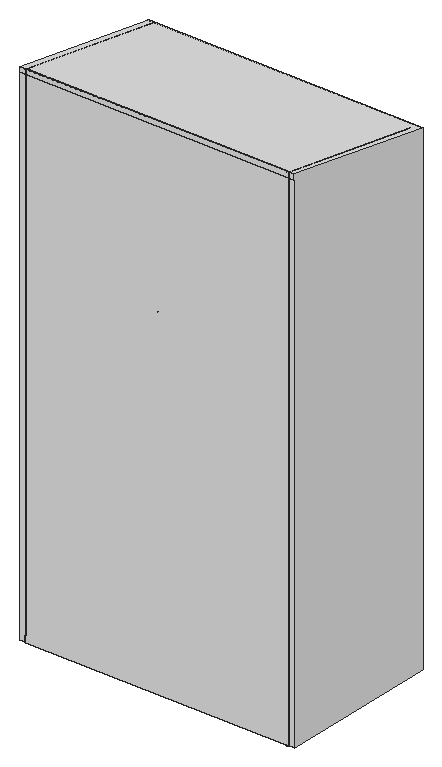
Revit family "Lockers_Series-51_Lincora", category Casework, Revit 2026
Family settings
  Work Plane-Based = No
  Always vertical = Yes
  Cut with Voids When Loaded = No
  Shared = No
  Room Calculation Point = No
Parameters (values of type "Series 51_White")
  Width = if(and(Requested Width < Max Width, Requested Width > Min Width), Requested Width, if(or(Requested Width = Max Width, Requested Width > Max Width), Max Width, Min Width))  # 48"
  URL = "https://www.lincora.com"
  Specification = "https://www.arcat.com/company/Harvey-Building-Products-32985/spec"
  Requested Width = 48"  # constant formula
  Requested Height = 90"  # constant formula
  Requested Depth = 28"  # constant formula
  Product Page URL = "https://www.arcat.com/company/Harvey-Building-Products-32985"
  Model = "Series 51"
  Min Width = 9"  # constant formula
  Min Height = 30 1/2"  # constant formula
  Min Depth = 12"  # constant formula
  Max Width = 48"  # constant formula
  Max Height = 90"  # constant formula
  Max Depth = 28"  # constant formula
  Manufacturer = "Lincora"
  Keynote = "10 51 00"
  Increment = "8-Jan"
  Hook Width = Width - 2"  # 46"
  Hook Material = Aluminum
  Height = if(and(Requested Height < Max Height, Requested Height > Min Height), Requested Height, if(or(Requested Height = Max Height, Requested Height > Max Height), Max Height, Min Height))  # 90"
  Depth = if(and(Requested Depth < Max Depth, Requested Depth > Min Depth), Requested Depth, if(or(Requested Depth = Max Depth, Requested Depth > Max Depth), Max Depth, Min Depth))  # 28"
  Default Elevation = 0"
  Copyright = "ARCAT, Inc."
  CAD Details = "https://www.arcat.com/company/Harvey-Building-Products-32985/cad"
  Body Material = White
  Base Material = White
Types (12): name | Increment | Body Material | Base Material
  Series 51_White | "8-Jan" | White | White
  Series 51_Nevada Beige | "" | Nevada Beige | Nevada Beige
  Series 51_Pearl Gray | "" | Pearl Gray | Pearl Gray
  Series 51_Aluminum Gray | "" | Aluminum Gray | Aluminum Gray
  Series 51_Platinum Gray | "" | Platinum Gray | Platinum Gray
  Series 51_Medium Gray | "" | Medium Gray | Medium Gray
  Series 51_Dark Gray | "" | Dark Gray | Dark Gray
  Series 51_Ocean Blue | "" | Ocean Blue | Ocean Blue
  Series 51_Azure Blue | "" | Azure Blue | Azure Blue
  Series 51_Dark Blue | "" | Dark Blue | Dark Blue
  Series 51_Black | "" | Black | Black
  Series 51_Red | "" | Red | Red
Reference planes (in)
  plane 1 "Center (Front/Back)": y = 0
  plane 2: z = 0
  plane 3 "Center (Left/Right)": x = 0
  plane 4: y = 14
  plane 5: y = -14
  plane 6: x = 24
  plane 7: x = -24
  plane 8: z = 90
  plane 9: y = 11
  plane 10: y = 12.645
  plane 11: y = 12.436
  plane 12: y = -13.902
  plane 13: z = 85
  plane 14: z = 74.125
  plane 15: z = 75
  plane 16: z = 65
  plane 17: z = 64.125
  plane 18: z = 84.40205
  plane 19: z = 89.0932
  plane 20: z = 83.592
  plane 21: z = 1.346
  plane 22: z = 1.125
  plane 23: z = 0
  plane 24: z = 1
  plane 25: z = 1.937
  plane 26: z = 2.356
  plane 27: y = 11.936
  plane 28: y = 9.542
  plane 29: y = 8.106
  plane 30: y = -11.216
  plane 31: y = -12.652
  plane 32: x = -23.015
  plane 33: x = 23.015
  plane 34: x = -22.877
  plane 35: x = -21.471
  plane 36: x = -20.659
  plane 37: x = 22.77
  plane 38: x = -22.752
  plane 39: x = -19.378
  plane 40: z = 45
Forms (in)
  Extrusion 1, solid, material "White" <- "Body Material"
    sketch origin (0, 0, 0) x (0, 1, 0) y (0, 0, 1)
      loop
        line (-14.01, 90) -> (-14.01, 89.125) -> (-13.956, 89.125) -> (-13.956, 89.93766) -> (14.01, 84.95322) -> (14.01, 83.867) -> (12.382, 83.867) -> (12.382, 83.192)
        arc (12.382, 83.192) -> (12.361, 83.171) -> (12.34, 83.192) r 0.021
        line (12.34, 83.192) -> (12.34, 83.492) -> (12.286, 83.492) -> (12.286, 83.192)
        arc (12.286, 83.192) -> (12.361, 83.117) -> (12.436, 83.192) r 0.075
        line (12.436, 83.192) -> (12.436, 83.813) -> (14.064, 83.813) -> (14.064, 85) -> (-14.01, 90)
    from -24 to 24
  Extrusion 2, solid, material "White" <- "Body Material"
    sketch origin (0, 0, 0) x (0, 1, 0) y (0, 0, 1)
      loop
        line (-13.852, 89.91913) -> (-13.852, 89.0932) -> (12.31007, 84.40205) -> (12.45849, 85.22975) -> (-13.852, 89.91913)
    from -23.015 to 23.015
  Extrusion 3, solid, material "White" <- "Body Material"
    sketch origin (0, 0, 0) x (0, 1, 0) y (0, 0, 1)
      loop
        arc (11.60822, 64.034) -> (11.595, 64.04722) -> (11.60822, 64.06044) r 0.01322
        line (11.60822, 64.06044) -> (11.936, 64.06044) -> (11.936, 64.09444) -> (11.60822, 64.09444)
        arc (11.60822, 64.09444) -> (11.561, 64.04722) -> (11.60822, 64) r 0.04722
        line (11.60822, 64) -> (12.436, 64) -> (12.436, 65) -> (-13.922, 65) -> (-13.922, 64.125) -> (-13.888, 64.125) -> (-13.888, 64.966) -> (12.402, 64.966) -> (12.402, 64.034) -> (11.60822, 64.034)
    from -23.015 to 23.015
  Extrusion 4, solid, material "White" <- "Body Material"
    sketch origin (0, 0, 0) x (0, 1, 0) y (0, 0, 1)
      loop
        line (13.882, 0.054) -> (13.436, 0.054) -> (13.436, 0) -> (13.936, 0) -> (13.936, 1.125) -> (12.436, 1.125) -> (12.436, 1.937) -> (-13.892, 2.356) -> (-13.892, 0.044) -> (-13.838, 0.044) -> (-13.838, 2.3008) -> (12.382, 1.88417) -> (12.382, 1.071) -> (13.882, 1.071) -> (13.882, 0.054)
    from -23.015 to 23.015
  Extrusion 5, solid, material "White" <- "Body Material"
    sketch origin (0, 0, 0) x (0, 1, 0) y (0, 0, 1)
      loop
        line (14, -0.02) -> (14, 1.077) -> (13.946, 1.077) -> (13.946, -0.02) -> (14, -0.02)
    from -23.015 to 23.015
  Extrusion 6, solid, material "White" <- "Body Material"
    sketch origin (0, 0, 0) x (0, 1, 0) y (0, 0, 1)
      loop
        line (11.936, 64.125) -> (11.936, 64.946) -> (-13.729, 64.946) -> (-13.729, 64.125) -> (11.936, 64.125)
    from -23.015 to 23.015
  Extrusion 7, solid, material "White" <- "Body Material"
    sketch origin (0, 0, -48.147) x (0, 1, 0) y (0, 0, 1)
      loop
        arc (11.60822, 122.181) -> (11.595, 122.19422) -> (11.60822, 122.20744) r 0.01322
        line (11.60822, 122.20744) -> (11.936, 122.20744) -> (11.936, 122.24144) -> (11.60822, 122.24144)
        arc (11.60822, 122.24144) -> (11.561, 122.19422) -> (11.60822, 122.147) r 0.04722
        line (11.60822, 122.147) -> (12.436, 122.147) -> (12.436, 123.147) -> (-13.922, 123.147) -> (-13.922, 122.272) -> (-13.888, 122.272) -> (-13.888, 123.113) -> (12.402, 123.113) -> (12.402, 122.181) -> (11.60822, 122.181)
    from -23.015 to 23.015
  Extrusion 8, solid, material "White" <- "Body Material"
    sketch origin (0, 0, -48.147) x (0, 1, 0) y (0, 0, 1)
      loop
        line (11.936, 122.272) -> (11.936, 123.113) -> (-13.854, 123.113) -> (-13.854, 122.272) -> (11.936, 122.272)
    from -23.015 to 23.015
  Extrusion 9, solid, material "White" <- "Body Material"
    sketch origin (0, 0, 0) x (0, 1, 0) y (0, 0, 1)
      loop
        line (10.375, 0.14482) -> (12.20371, 0.10466) -> (12.24286, 1.88723) -> (-13.76402, 2.29918) -> (-13.78121, 1.51636) -> (-12.80341, 0.49465) -> (-10.375, 0.44132) -> (-10.375, 1) -> (10.375, 1) -> (10.375, 0.14482)
    from -23.015 to 23.015
  Extrusion 10, solid, material "White" <- "Body Material"
    sketch origin (0, 0, 0) x (0, 1, 0) y (0, 0, 1)
      loop
        line (-13.071, 0.044) -> (-13.902, 0.044) -> (-13.902, 89.92869) -> (-14, 89.94497) -> (-14, 0.044) -> (-13.946, 0.044) -> (-13.946, 0) -> (-13.071, 0) -> (-13.071, 0.044)
    from -23.015 to 23.015
  Extrusion 11, solid, material "White" <- "Body Material"
    sketch origin (0, 0, 0) x (1, 0, 0) y (0, 0, 1)
      loop
        line (-23.015, 83.813) -> (23.015, 83.813) -> (23.015, 83.921) -> (24, 83.921) -> (24, 85) -> (-24, 85) -> (-24, 83.921) -> (-23.015, 83.921) -> (-23.015, 83.813)
    from -14 to -13.171
  Extrusion 12, solid, material "White" <- "Body Material"
    sketch origin (0, 0, 0) x (1, 0, 0) y (0, 0, 1)
      loop
        line (-23.015, 1.125) -> (-23.015, 89.892) -> (-23.015, 90) -> (-24, 90) -> (-24, 0.044) -> (-23.123, 0.044) -> (-23.123, 1.125) -> (-23.015, 1.125)
      loop
        line (23.015, 90) -> (23.015, 1.125) -> (23.123, 1.125) -> (23.123, 0.044) -> (24, 0.044) -> (24, 90) -> (23.015, 90)
    from -14 to 14
  Extrusion 13, void
    sketch origin (0, 0, 0) x (0, 1, 0) y (0, 0, 1)
      loop
        line (14.5, 84.92235) -> (14.5, 94.5) -> (-14, 94.5) -> (-14, 89.99822) -> (14.5, 84.92235)
    from -24 to 24
Cuts and joins
  Extrusion 13 cuts Extrusion 12
  joined: Extrusion 1, Extrusion 11, Extrusion 12
  Extrusion 13 cuts Extrusion 2
Dimensions and locks (in)
  equal spacing: plane 7, plane 3 "Center (Left/Right)", plane 6
  equal spacing: plane 4, plane 1 "Center (Front/Back)", plane 5
  "Width": plane 7 to plane 6
  "Depth": plane 5 to plane 4
  "Height": plane 8 to level
  plane 8 to plane 19 to plane 13 to plane 18 to plane 20 to plane 15 to plane 14 to plane 16 to plane 17 = 0.9068" locked, 4.0932" locked, 0.59795" locked, 0.81005" locked, 8.592" locked, 7/8" locked, 9 1/8" locked, 7/8" locked
  plane 26 to plane 25 to plane 21 to plane 22 to plane 24 to plane 23 to level = 0.419" locked, 0.591" locked, 0.221" locked, 1/8" locked, 1" locked, 0" locked
  plane 4 to plane 10 to plane 11 to plane 27 to plane 9 to plane 28 to plane 29 = 1.355" locked, 0.209" locked, 1/2" locked, 0.936" locked, 1.458" locked, 1.436" locked
  plane 30 to plane 31 to plane 12 to plane 5 = 1.436" locked, 1 1/4" locked, 0.098" locked
  plane 7 to plane 32 to plane 34 to plane 38 to plane 35 to plane 36 to plane 39 = 0.985" locked, 0.138" locked, 1/8" locked, 1.281" locked, 0.812" locked, 1.281" locked
  plane 6 to plane 33 to plane 37 = 0.985" locked, 0.245" locked
  equal spacing: plane 8, plane 40, level
  Extrusion 1 sketch curve to plane 5 to Extrusion 1 sketch curve = 0.044" locked, 0.01" locked
  Extrusion 1 sketch curve to Extrusion 1 sketch curve to plane 19 = 0.81266" locked, 0.0318" locked
  Extrusion 1 sketch curve to Extrusion 1 sketch curve to plane 4 = 0.054" locked, 0.01" locked
  plane 13 to Extrusion 1 sketch curve to Extrusion 1 sketch curve to Extrusion 1 sketch curve to Extrusion 1 sketch curve to Extrusion 1 sketch curve to Extrusion 1 sketch curve = 0.04678" locked, 1.08622" locked, 0.054" locked, 0.321" locked, 0.321" locked, 0.054" locked
  plane 4 to Extrusion 1 sketch curve to Extrusion 1 sketch curve to Extrusion 1 sketch curve to Extrusion 1 sketch curve = 1.564" locked, 0.054" locked, 0.042" locked, 0.054" locked
  Extrusion 4 sketch curve to Extrusion 4 sketch curve to plane 23 = 2.2568" locked, 0.044" locked
  Extrusion 4 sketch curve to Extrusion 4 sketch curve to plane 12 = 0.054" locked, 0.01" locked
  plane 4 to Extrusion 4 sketch curve to Extrusion 4 sketch curve to Extrusion 4 sketch curve to Extrusion 4 sketch curve to Extrusion 4 sketch curve = 0.064" locked, 0.054" locked, 0.446" locked, 1" locked, 0.054" locked
  Extrusion 4 sketch curve to Extrusion 4 sketch curve to Extrusion 4 sketch curve to plane 23 = 0.81317" locked, 1.017" locked, 0.054" locked
  locked: Extrusion 10 sketch curve to plane 23 at 0.044
  Extrusion 11 sketch curve to Extrusion 11 sketch curve to plane 20 = 0.108" locked, 0.221" locked
  locked: Extrusion 11 sketch curve to plane 20 at 0.329
  locked: Extrusion 11 to plane 20 at 0.329  (x2)
  locked: Extrusion 12 sketch curve to plane 23 at 0.044  (x2)
  locked: Extrusion 11 to plane 10 at 0.526
  plane 4 to Extrusion 9 sketch curve to Extrusion 9 sketch curve to Extrusion 9 sketch curve = 1.75714" locked, 0.03915" locked, 1.82871" locked
  Extrusion 9 sketch curve to Extrusion 9 sketch curve to Extrusion 9 sketch curve to Extrusion 9 sketch curve to plane 5 = 2.42841" locked, 0.96061" locked, 0.01719" locked, 0.21879" locked
  plane 25 to Extrusion 9 sketch curve to Extrusion 9 sketch curve to Extrusion 9 sketch curve = 0.04977" locked, 1.74241" locked, 0.04016" locked
  plane 26 to Extrusion 9 sketch curve to Extrusion 9 sketch curve to Extrusion 9 sketch curve to Extrusion 9 sketch curve = 0.05682" locked, 0.78281" locked, 1.02172" locked, 0.05333" locked
  locked: Extrusion 13 sketch curve to plane 8 at 4.5
  locked: Extrusion 13 sketch curve to plane 4 at 0.5
  Extrusion 7 sketch curve to Extrusion 7 sketch curve to plane 5 = 0.034" locked, 0.078" locked
  plane 11 to Extrusion 7 sketch curve to Extrusion 7 sketch curve to Extrusion 7 sketch curve = 0.034" locked, 0.807" locked, 0.034" locked
  Extrusion 7 sketch curve to plane 14 to Extrusion 7 sketch curve to Extrusion 7 sketch curve to Extrusion 7 sketch curve to Extrusion 7 sketch curve = 0.841" locked, 0.03056" locked, 0.034" locked, 0.02644" locked, 0.034" locked
  locked: Extrusion 8 sketch curve to plane 5 at 0.146
  Extrusion 3 sketch curve to Extrusion 3 sketch curve to plane 5 = 0.034" locked, 0.078" locked
  plane 11 to Extrusion 3 sketch curve to Extrusion 3 sketch curve to Extrusion 3 sketch curve to Extrusion 3 sketch curve = 0.034" locked, 0.466" locked, 0.341" locked, 0.034" locked
  plane 16 to Extrusion 3 sketch curve to Extrusion 3 sketch curve to Extrusion 3 sketch curve to Extrusion 3 sketch curve to Extrusion 3 sketch curve = 0.034" locked, 0.87156" locked, 0.034" locked, 0.02644" locked, 0.034" locked
  locked: Extrusion 6 sketch curve to plane 5 at 0.271
  Extrusion 5 sketch curve to plane 23 to Extrusion 5 sketch curve = 1.077" locked, 0.02" locked
  locked: plane 4 to Extrusion 5 sketch curve at 0.054
  aligned and locked: plane 2 to level
  aligned and locked: plane 8 to Extrusion 1 sketch curve
  aligned and locked: plane 13 to Extrusion 1 sketch curve
  aligned and locked: plane 26 to Extrusion 4 sketch curve
  aligned and locked: plane 23 to Extrusion 4 sketch curve
  aligned and locked: Extrusion 4 sketch curve to plane 22
  aligned and locked: plane 25 to Extrusion 4 sketch curve
  aligned and locked: plane 17 to Extrusion 6 sketch curve
  aligned and locked: Extrusion 8 sketch curve to plane 14
  aligned and locked: plane 24 to Extrusion 9 sketch curve
  aligned and locked: plane 5 to Extrusion 10 sketch curve
  aligned and locked: Extrusion 10 sketch curve to plane 12
  aligned and locked: Extrusion 10 sketch curve to plane 23
  aligned and locked: plane 7 to Extrusion 1
  aligned and locked: plane 6 to Extrusion 1
  aligned and locked: plane 32 to Extrusion 7
  aligned and locked: plane 32 to Extrusion 8
  aligned and locked: plane 32 to Extrusion 3
  aligned and locked: plane 32 to Extrusion 6
  aligned and locked: Extrusion 7 to plane 33
  aligned and locked: Extrusion 3 to plane 33
  aligned and locked: Extrusion 6 to plane 33
  aligned and locked: Extrusion 8 to plane 33
  aligned and locked: plane 32 to Extrusion 9
  aligned and locked: plane 32 to Extrusion 4
  aligned and locked: Extrusion 9 to plane 33
  aligned and locked: Extrusion 4 to plane 33
  aligned and locked: plane 32 to Extrusion 5
  aligned and locked: Extrusion 5 to plane 33
  aligned and locked: plane 13 to Extrusion 11 sketch curve
  aligned and locked: plane 7 to Extrusion 11 sketch curve
  aligned and locked: plane 6 to Extrusion 11 sketch curve
  aligned and locked: Extrusion 11 sketch curve to plane 33
  aligned and locked: plane 32 to Extrusion 11 sketch curve
  aligned and locked: plane 33 to Extrusion 12 sketch curve
  aligned and locked: plane 7 to Extrusion 12 sketch curve
  aligned and locked: Extrusion 12 sketch curve to plane 32
  aligned and locked: Extrusion 12 sketch curve to plane 22
  aligned and locked: plane 22 to Extrusion 12 sketch curve
  aligned and locked: Extrusion 12 sketch curve to plane 6
  aligned and locked: plane 4 to Extrusion 11
  aligned and locked: plane 4 to Extrusion 12
  aligned and locked: plane 5 to Extrusion 12
  aligned and locked: Extrusion 12 sketch curve to plane 8
  aligned and locked: plane 8 to Extrusion 12 sketch curve
  aligned and locked: plane 6 to Extrusion 13
  aligned and locked: plane 7 to Extrusion 13
  aligned and locked: Extrusion 10 to plane 33
  aligned and locked: plane 32 to Extrusion 10
  aligned and locked: nested 1 to plane 1 "Center (Front/Back)"
  aligned and locked: Extrusion 6 to nested 1
  aligned and locked: plane 3 "Center (Left/Right)" to nested 1
  aligned and locked: plane 12 to nested 2
  aligned and locked: nested 2 to plane 3 "Center (Left/Right)"
  aligned and locked: plane 19 to Extrusion 2 sketch curve
  aligned and locked: plane 18 to Extrusion 2 sketch curve
  aligned and locked: Extrusion 13 sketch curve to plane 5
  aligned and locked: Extrusion 13 sketch curve to cut or joined group of Extrusion 1, Extrusion 11, Extrusion 12, Extrusion 13
  aligned and locked: plane 32 to cut or joined group of Extrusion 2, Extrusion 13
  aligned and locked: cut or joined group of Extrusion 2, Extrusion 13 to plane 33
  aligned and locked: Extrusion 2 sketch curve to cut or joined group of Extrusion 1, Extrusion 11, Extrusion 12, Extrusion 13
  aligned and locked: plane 15 to Extrusion 7 sketch curve
  aligned and locked: Extrusion 7 sketch curve to plane 14
  aligned and locked: plane 11 to Extrusion 7 sketch curve
  aligned and locked: plane 27 to Extrusion 7 sketch curve
  aligned and locked: plane 27 to Extrusion 8 sketch curve
  aligned and locked: Extrusion 3 sketch curve to plane 17
  aligned and locked: plane 16 to Extrusion 3 sketch curve
  aligned and locked: plane 11 to Extrusion 3 sketch curve
  aligned and locked: nested 2 to Extrusion 3
  aligned and locked: Extrusion 6 sketch curve to plane 27
  aligned and locked: Extrusion 5 sketch curve to plane 4
Automatic sketch dimensions
  plane 32 to Extrusion 12 sketch curve = 0.108"
  Extrusion 12 sketch curve to plane 33 = 0.108"
  Extrusion 12 sketch curve to plane 8 = 0.108"
  plane 12 to Extrusion 2 sketch curve = 0.05"
  Extrusion 10 sketch curve to plane 12 = 0.044"
  Extrusion 10 sketch curve to plane 31 = 0.419"
  plane 11 to Extrusion 2 sketch curve = 0.02249"
  Extrusion 10 sketch curve to plane 8 = 0.07131"
  Extrusion 10 sketch curve to plane 8 = 0.05503"
  Extrusion 8 sketch curve to plane 15 = 0.034"
  Extrusion 6 sketch curve to plane 16 = 0.054"
  plane 23 to Extrusion 10 sketch curve = 0.044"
Nested families (in)
  nested 1: "Hook" at (0, -0.75, 64.946) x (0, 1, 0) z (0, 0, 1), type "Hook"
    with Hook Width 46"
  nested 2: "Single Hook" at (0.25, -13.902, 64.966) x (-1, 0, 0) z (0, 0, 1), type "Single Hook"
Definition of nested family "Hook"
  Parameters (values of type "Hook")
    Hook Width = 16"
    Hook Material = none
    Default Elevation = 0"
  Reference planes (in)
    plane 1 "Center (Front/Back)": y = 0
    plane 2: z = 0
    plane 3 "Center (Left/Right)": x = 0
    plane 4: y = 8
    plane 5: y = -8
  Forms (in)
    Extrusion 1, solid, material <- "Hook Material"
      sketch origin (0, 9.17507, 0) x (0, 1, 0) y (0, 0, 1)
        loop
          line (-1.17507, 0) -> (-1.42507, 0) -> (-1.42507, -1.062) -> (-2.17507, -1.062) -> (-2.17507, -2.375) -> (-1.67507, -2.375) -> (-1.67507, -4.036) -> (-1.42507, -4.036) -> (-1.42507, -2.125) -> (-1.92507, -2.125) -> (-1.92507, -1.312) -> (-1.17507, -1.312) -> (-1.17507, 0)
      from -0.75 to 0.75
    Extrusion 2, solid, material <- "Hook Material"
      sketch origin (0, 9.17507, 0) x (0, 1, 0) y (0, 0, 1)
        loop
          line (-1.17507, -2.646) -> (-1.42507, -2.646) -> (-1.42507, -4.85258)
          arc (-1.42507, -4.85258) -> (-1.50098, -4.99099) -> (-1.6585, -5.00137) r 0.16414
          arc (-1.6585, -5.00137) -> (-2.21095, -4.60551) -> (-2.58184, -4.036) r 1.83859
          line (-2.58184, -4.036) -> (-2.8621, -4.036)
          arc (-2.8621, -4.036) -> (-2.43954, -4.76261) -> (-1.76476, -5.2638) r 2.08859
          arc (-1.76476, -5.2638) -> (-1.36686, -5.23769) -> (-1.17507, -4.88808) r 0.41454
          line (-1.17507, -4.88808) -> (-1.17507, -2.646)
      from -0.25 to 0.25
    Extrusion 3, void
      sketch origin (0, 9.17507, 0) x (1, 0, 0) y (0, 0, 1)
        loop
          line (-0.67, -2.864) -> (-0.75, -2.146) -> (-0.75, -4.036) -> (-0.67, -4.036) -> (-0.67, -2.864)
        loop
          line (0.67, -2.864) -> (0.67, -4.036) -> (0.75, -4.036) -> (0.75, -2.146) -> (0.67, -2.864)
      from 1.17507 to 2.17507
    Extrusion 4, solid, material <- "Hook Material"
      sketch origin (0, -9.17507, 0) x (0, -1, 0) y (0, 0, -1)
        loop
          line (-1.17507, 0) -> (-1.17507, 1.312) -> (-1.92507, 1.312) -> (-1.92507, 2.125) -> (-1.42507, 2.125) -> (-1.42507, 4.036) -> (-1.67507, 4.036) -> (-1.67507, 2.375) -> (-2.17507, 2.375) -> (-2.17507, 1.062) -> (-1.42507, 1.062) -> (-1.42507, 0) -> (-1.17507, 0)
      from -0.75 to 0.75
    Extrusion 5, solid, material <- "Hook Material"
      sketch origin (0, -9.17507, 0) x (0, -1, 0) y (0, 0, -1)
        loop
          line (-1.17507, 2.646) -> (-1.17507, 4.88808)
          arc (-1.17507, 4.88808) -> (-1.36686, 5.23769) -> (-1.76476, 5.2638) r 0.41454
          arc (-1.76476, 5.2638) -> (-2.43954, 4.76261) -> (-2.8621, 4.036) r 2.08859
          line (-2.8621, 4.036) -> (-2.58184, 4.036)
          arc (-2.58184, 4.036) -> (-2.21095, 4.60551) -> (-1.6585, 5.00137) r 1.83859
          arc (-1.6585, 5.00137) -> (-1.50098, 4.99099) -> (-1.42507, 4.85258) r 0.16414
          line (-1.42507, 4.85258) -> (-1.42507, 2.646) -> (-1.17507, 2.646)
      from -0.25 to 0.25
    Extrusion 6, void
      sketch origin (0, -9.17507, 0) x (1, 0, 0) y (0, 0, -1)
        loop
          line (-0.67, 2.864) -> (-0.67, 4.036) -> (-0.75, 4.036) -> (-0.75, 2.146) -> (-0.67, 2.864)
        loop
          line (0.67, 2.864) -> (0.75, 2.146) -> (0.75, 4.036) -> (0.67, 4.036) -> (0.67, 2.864)
      from 1.17507 to 2.17507
    Extrusion 7, solid, material <- "Hook Material"
      sketch origin (0, 0, 0) x (1, 0, 0) y (0, 0, 1)
        loop
          circle (0, -1.845) r 0.35
      from -8 to 8
    Extrusion 8, solid, material <- "Hook Material"
      sketch origin (0, 0, 0) x (1, 0, 0) y (0, 0, 1)
        loop
          line (-0.983, 0) -> (-0.983, -3.634) -> (0.983, -3.634) -> (0.983, 0) -> (-0.983, 0)
      from 8 to 7.88357
    Extrusion 9, solid, material <- "Hook Material"
      sketch origin (0, 0, 0) x (1, 0, 0) y (0, 0, -1)
        loop
          line (0.983, 0) -> (0.983, 3.634) -> (-0.983, 3.634) -> (-0.983, 0) -> (0.983, 0)
      from 8 to 7.88357
  Cuts and joins
    Extrusion 3, Extrusion 6 cuts Extrusion 1
    joined: Extrusion 1, Extrusion 9
    Extrusion 6 cuts Extrusion 4
    joined: Extrusion 4, Extrusion 8
  Dimensions and locks (in)
    "Hook Width": plane 4 to plane 5
    plane 4 to cut or joined group of Extrusion 1, Extrusion 3, Extrusion 6, Extrusion 9 to cut or joined group of Extrusion 1, Extrusion 3, Extrusion 6, Extrusion 9 to cut or joined group of Extrusion 1, Extrusion 3, Extrusion 6, Extrusion 9 = 1/4" locked, 1/4" locked, 1/2" locked
    equal spacing: plane 4, plane 1 "Center (Front/Back)", plane 5
    cut or joined group of Extrusion 4, Extrusion 6, Extrusion 8 to cut or joined group of Extrusion 4, Extrusion 6, Extrusion 8 to cut or joined group of Extrusion 4, Extrusion 6, Extrusion 8 to plane 5 = 1/2" locked, 1/4" locked, 1/4" locked
    locked: Extrusion 8 to plane 5 at 0.11643
    locked: Extrusion 9 to plane 4 at 0.11643
    aligned and locked: plane 2 to level
    aligned and locked: Extrusion 2 sketch curve to plane 4
    aligned and locked: Extrusion 1 sketch curve to plane 4
    aligned and locked: Extrusion 3 to plane 4
    aligned and locked: plane 5 to Extrusion 4 sketch curve
    aligned and locked: plane 5 to Extrusion 5 sketch curve
    aligned and locked: Extrusion 6 to plane 5
    aligned and locked: Extrusion 7 to plane 5
    aligned and locked: Extrusion 7 to plane 4
    aligned and locked: Extrusion 1 to Extrusion 3
    aligned and locked: Extrusion 6 to cut or joined group of Extrusion 4, Extrusion 6, Extrusion 8
    aligned and locked: Extrusion 5 to Extrusion 8
    aligned and locked: Extrusion 9 to plane 4
  Automatic sketch dimensions
    Extrusion 1 sketch curve to level = 0"
    plane 4 to Extrusion 1 sketch curve = 1/4"  (x2)
    Extrusion 1 sketch curve to Extrusion 1 sketch curve = 1/4"  (x4)
    Extrusion 1 sketch curve to Extrusion 1 sketch curve = 1/2"
    Extrusion 1 sketch curve to Extrusion 1 sketch curve = 1.062"
    Extrusion 1 sketch curve to Extrusion 1 sketch curve = 0.813"
    Extrusion 1 sketch curve to Extrusion 1 sketch curve = 1.661"
    Extrusion 2 sketch curve to Extrusion 2 sketch curve = 1/4"
    Extrusion 2 sketch curve to Extrusion 2 sketch curve = 0.16414"
    Extrusion 2 sketch curve to Extrusion 2 sketch curve = 0.0004"
    Extrusion 2 sketch curve to Extrusion 2 sketch curve = 0.99264"
    Extrusion 2 sketch curve to Extrusion 2 sketch curve = 0.28025"
    Extrusion 2 sketch curve to plane 4 = 0.2928"
    Extrusion 2 sketch curve to Extrusion 2 sketch curve = 0"
    Extrusion 2 sketch curve to level = 4.88808"
    Extrusion 2 sketch curve to Extrusion 2 sketch curve = 0.0355"
    Extrusion 2 sketch curve to Extrusion 2 sketch curve = 0.81658"
    Extrusion 2 sketch curve to Extrusion 2 sketch curve = 1.51727"
    Extrusion 2 sketch curve to Extrusion 2 sketch curve = 0.03613"
    Extrusion 2 sketch curve to Extrusion 2 sketch curve = 0.68868"
    Extrusion 3 sketch curve to plane 3 "Center (Left/Right)" = 3/4"
    Extrusion 3 sketch curve to plane 3 "Center (Left/Right)" = 0.67"
    plane 3 "Center (Left/Right)" to Extrusion 3 sketch curve = 0.67"
    Extrusion 3 sketch curve to Extrusion 3 sketch curve = 0.08"
    Extrusion 3 sketch curve to level = 4.036"
    Extrusion 3 sketch curve to Extrusion 3 sketch curve = 0"
    Extrusion 3 sketch curve to Extrusion 3 sketch curve = 1.172"  (x2)
    Extrusion 3 sketch curve to Extrusion 3 sketch curve = 0.718"  (x2)
    Extrusion 4 sketch curve to level = 0"
    plane 5 to Extrusion 4 sketch curve = 1/4"  (x2)
    Extrusion 4 sketch curve to Extrusion 4 sketch curve = 1/4"  (x4)
    Extrusion 4 sketch curve to Extrusion 4 sketch curve = 1/2"
    Extrusion 4 sketch curve to level = 1.062"
    Extrusion 4 sketch curve to Extrusion 4 sketch curve = 0.813"
    Extrusion 4 sketch curve to Extrusion 4 sketch curve = 1.661"
    Extrusion 5 sketch curve to Extrusion 5 sketch curve = 1/4"
    Extrusion 5 sketch curve to Extrusion 5 sketch curve = 0.16414"
    Extrusion 5 sketch curve to Extrusion 5 sketch curve = 0.0004"
    Extrusion 5 sketch curve to Extrusion 5 sketch curve = 0.99264"
    Extrusion 5 sketch curve to Extrusion 5 sketch curve = 0.28025"
    Extrusion 5 sketch curve to plane 5 = 0.2928"
    Extrusion 5 sketch curve to Extrusion 5 sketch curve = 0"
    Extrusion 5 sketch curve to level = 2.646"
    Extrusion 5 sketch curve to Extrusion 5 sketch curve = 0.68868"
    Extrusion 5 sketch curve to Extrusion 5 sketch curve = 0.03613"
    Extrusion 5 sketch curve to Extrusion 5 sketch curve = 1.39"
    Extrusion 5 sketch curve to Extrusion 5 sketch curve = 0.81658"
    Extrusion 5 sketch curve to Extrusion 5 sketch curve = 0.0355"
    Extrusion 6 sketch curve to plane 3 "Center (Left/Right)" = 3/4"
    Extrusion 6 sketch curve to plane 3 "Center (Left/Right)" = 0.67"
    plane 3 "Center (Left/Right)" to Extrusion 6 sketch curve = 0.67"
    Extrusion 6 sketch curve to Extrusion 6 sketch curve = 0.08"
    Extrusion 6 sketch curve to level = 2.146"
    Extrusion 6 sketch curve to Extrusion 6 sketch curve = 0"
    Extrusion 6 sketch curve to Extrusion 6 sketch curve = 0.718"  (x2)
    Extrusion 6 sketch curve to Extrusion 6 sketch curve = 1.172"  (x2)
    Extrusion 7 sketch curve to plane 3 "Center (Left/Right)" = 0"
    Extrusion 7 sketch curve to level = 1.845"
    Extrusion 8 sketch curve to level = 0"
    Extrusion 8 sketch curve to plane 3 "Center (Left/Right)" = 0.983"
    plane 3 "Center (Left/Right)" to Extrusion 8 sketch curve = 0.983"
    Extrusion 8 sketch curve to Extrusion 8 sketch curve = 3.634"
    Extrusion 9 sketch curve to level = 0"
    Extrusion 9 sketch curve to plane 3 "Center (Left/Right)" = 0.983"
    plane 3 "Center (Left/Right)" to Extrusion 9 sketch curve = 0.983"
    Extrusion 9 sketch curve to Extrusion 9 sketch curve = 3.634"
    radius of Extrusion 7 sketch curve = 0.35"
Definition of nested family "Single Hook"
  Parameters (values of type "Single Hook")
    Hook Material = none
    Default Elevation = 0"
  Reference planes (in)
    plane 1 "Center (Front/Back)": y = 0
    plane 2: z = 0
    plane 3 "Center (Left/Right)": x = 0
    plane 4: y = 0
    plane 5: y = 0
  Forms (in)
    Extrusion 1, solid, material <- "Hook Material"
      sketch origin (0, 9.17507, 0) x (0, 1, 0) y (0, 0, 1)
        loop
          line (-9.17507, 0) -> (-9.42507, 0) -> (-9.42507, -1.062) -> (-10.17507, -1.062) -> (-10.17507, -2.375) -> (-9.67507, -2.375) -> (-9.67507, -4.036) -> (-9.42507, -4.036) -> (-9.42507, -2.125) -> (-9.92507, -2.125) -> (-9.92507, -1.312) -> (-9.17507, -1.312) -> (-9.17507, 0)
      from -0.75 to 0.75
    Extrusion 2, solid, material <- "Hook Material"
      sketch origin (0, 9.17507, 0) x (0, 1, 0) y (0, 0, 1)
        loop
          line (-9.17507, -2.646) -> (-9.42507, -2.646) -> (-9.42507, -4.85258)
          arc (-9.42507, -4.85258) -> (-9.50098, -4.99099) -> (-9.6585, -5.00137) r 0.16414
          arc (-9.6585, -5.00137) -> (-10.21095, -4.60551) -> (-10.58184, -4.036) r 1.83859
          line (-10.58184, -4.036) -> (-10.8621, -4.036)
          arc (-10.8621, -4.036) -> (-10.43954, -4.76261) -> (-9.76476, -5.2638) r 2.08859
          arc (-9.76476, -5.2638) -> (-9.36686, -5.23769) -> (-9.17507, -4.88808) r 0.41454
          line (-9.17507, -4.88808) -> (-9.17507, -2.646)
      from -0.25 to 0.25
    Extrusion 3, void
      sketch origin (0, 9.17507, 0) x (1, 0, 0) y (0, 0, 1)
        loop
          line (-0.67, -2.864) -> (-0.75, -2.146) -> (-0.75, -4.036) -> (-0.67, -4.036) -> (-0.67, -2.864)
        loop
          line (0.67, -2.864) -> (0.67, -4.036) -> (0.75, -4.036) -> (0.75, -2.146) -> (0.67, -2.864)
      from 9.17507 to 10.17507
    Extrusion 4, solid, material <- "Hook Material"
      sketch origin (0, 0, 0) x (1, 0, 0) y (0, 0, -1)
        loop
          line (0.983, 0) -> (0.983, 3.634) -> (-0.983, 3.634) -> (-0.983, 0) -> (0.983, 0)
      from 0 to -0.11643
  Cuts and joins
    Extrusion 3 cuts Extrusion 1
  Dimensions and locks (in)
    plane 4 to plane 5 = 0"
    plane 4 to cut or joined group of Extrusion 1, Extrusion 3 to cut or joined group of Extrusion 1, Extrusion 3 to cut or joined group of Extrusion 1, Extrusion 3 = 1/4" locked, 1/4" locked, 1/2" locked
    equal spacing: plane 4, plane 1 "Center (Front/Back)", plane 5
    locked: Extrusion 4 to plane 4 at 0.11643
    aligned and locked: plane 2 to level
    aligned and locked: Extrusion 2 sketch curve to plane 4
    aligned and locked: Extrusion 1 sketch curve to plane 4
    aligned and locked: Extrusion 3 to plane 4
    aligned and locked: Extrusion 1 to Extrusion 3
    aligned and locked: Extrusion 4 to plane 4
    aligned and locked: plane 4 to plane 1 "Center (Front/Back)"
  Automatic sketch dimensions
    Extrusion 1 sketch curve to level = 0"
    plane 4 to Extrusion 1 sketch curve = 1/4"  (x2)
    Extrusion 1 sketch curve to Extrusion 1 sketch curve = 1/4"  (x4)
    Extrusion 1 sketch curve to Extrusion 1 sketch curve = 1/2"
    Extrusion 1 sketch curve to Extrusion 1 sketch curve = 1.062"
    Extrusion 1 sketch curve to Extrusion 1 sketch curve = 0.813"
    Extrusion 1 sketch curve to Extrusion 1 sketch curve = 1.661"
    Extrusion 2 sketch curve to Extrusion 2 sketch curve = 1/4"
    Extrusion 2 sketch curve to Extrusion 2 sketch curve = 0.16414"
    Extrusion 2 sketch curve to Extrusion 2 sketch curve = 0.0004"
    Extrusion 2 sketch curve to Extrusion 2 sketch curve = 0.99264"
    Extrusion 2 sketch curve to Extrusion 2 sketch curve = 0.28025"
    Extrusion 2 sketch curve to plane 4 = 0.2928"
    Extrusion 2 sketch curve to Extrusion 2 sketch curve = 0"
    Extrusion 2 sketch curve to level = 4.88808"
    Extrusion 2 sketch curve to Extrusion 2 sketch curve = 0.0355"
    Extrusion 2 sketch curve to Extrusion 2 sketch curve = 0.81658"
    Extrusion 2 sketch curve to Extrusion 2 sketch curve = 1.51727"
    Extrusion 2 sketch curve to Extrusion 2 sketch curve = 0.03613"
    Extrusion 2 sketch curve to Extrusion 2 sketch curve = 0.68868"
    Extrusion 3 sketch curve to plane 3 "Center (Left/Right)" = 3/4"
    Extrusion 3 sketch curve to plane 3 "Center (Left/Right)" = 0.67"
    plane 3 "Center (Left/Right)" to Extrusion 3 sketch curve = 0.67"
    Extrusion 3 sketch curve to Extrusion 3 sketch curve = 0.08"
    Extrusion 3 sketch curve to level = 4.036"
    Extrusion 3 sketch curve to Extrusion 3 sketch curve = 0"
    Extrusion 3 sketch curve to Extrusion 3 sketch curve = 1.172"  (x2)
    Extrusion 3 sketch curve to Extrusion 3 sketch curve = 0.718"  (x2)
    Extrusion 4 sketch curve to plane 3 "Center (Left/Right)" = 0.983"
    plane 3 "Center (Left/Right)" to Extrusion 4 sketch curve = 0.983"
    Extrusion 4 sketch curve to level = 3.634"
    Extrusion 4 sketch curve to level = 0"
